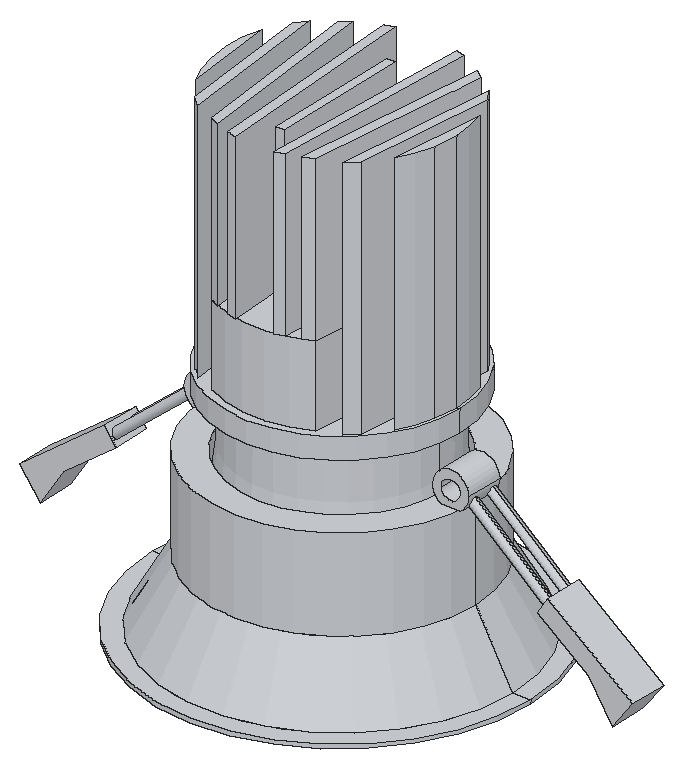
Revit family "Alcon-14119-R-DIR-Revit-Family", category Lighting Fixtures, host Ceiling, Revit 2021
Family settings
  Host = Ceiling
  Round Connector Dimension = Use Diameter
  Part Type = Normal
  OmniClass Number = 23.80.70.11
  OmniClass Title = Luminaries for Internal Lighting
  Always vertical = Yes
  Cut with Voids When Loaded = No
  Light Source = Yes
  Shared = No
  Room Calculation Point = No
Parameters (values of type "Type 1")
  Wattage = 9.2903 W
  built-in parameter 1150110 = 1 (stored number, unit not read)
  built-in parameter 1114217 = 1 (stored number, unit not read)
  Tilt Angle = 60.00°
  built-in parameter 1150109 = 1 (stored number, unit not read)
  built-in parameter 1150134 = (empty or 0)
  built-in parameter 1150113 = 1 (stored number, unit not read)
  built-in parameter 1010507 = 1.5708 (stored number, unit not read)
  built-in parameter 1010506 = 0.5236 (stored number, unit not read)
  Product Identity = "Alcon Lighting 14119-R-DIR"
  Metal = none
  Manufacturer = "Alcon Light"
  Lumens = 1380 lm
  built-in parameter 1150115 = 1 (stored number, unit not read)
  built-in parameter 1150105 = 4614.1 (stored number, unit not read)
  Link To Product Page = "https://www.alconlighting.com/14119-r-dir.html"
  LightSource = none
  Light Source Symbol Length = 10' - 0"
  built-in parameter 1150137 = (empty or 0)
  built-in parameter 1150139 = (empty or 0)
  Lens = none
  built-in parameter 1150112 = 1 (stored number, unit not read)
  built-in parameter 1150114 = 1 (stored number, unit not read)
  built-in parameter 1150132 = 2
  built-in parameter 1150102 = (empty or 0)
  built-in parameter 1150138 = (empty or 0)
  built-in parameter 1150107 = 3000 (stored number, unit not read)
  built-in parameter 1150106 = 46.141 (stored number, unit not read)
  Housing = none
  built-in parameter 1150104 = 13.8 (stored number, unit not read)
  Dimming Lamp Color Temperature Shift = <None>
  Default Elevation = 0' - 0"
  Color Filter = 16777215
  built-in parameter 1114218 = 1 (stored number, unit not read)
  built-in parameter 1150133 = 10 (stored number, unit not read)
Reference planes (in)
  plane 1 "Light Source Axis (F/B)": y = 0
  plane 2: z = 0
  plane 3 "Light Source Axis (L/R)": x = 0
  plane 4 "Ceiling": z = 157.73031
  plane 5 "Light Source Elevation": z = 157.10531
Forms (in)
  Extrusion 1, void
    sketch origin (0, 0, 157.73031) x (0, 1, 0) y (-1, 0, 0)
      loop
        circle (0, 0) r 1.675
    from -0.44379 to 0.09897
  Revolve 2, solid, material <- "LightSource"
    sketch origin (0, 0, -5.47367) x (1, 0, 0) y (0, 0, 1)
      loop
        line (0, 165.09791) -> (0, 165.21021) -> (-0.29753, 165.21021) -> (-0.29753, 165.09791) -> (0, 165.09791)
      axis (0, 165.09791) -> (0, 165.21021)
    angle from 0 to 360
  Revolve 3, solid, material <- "Housing"
    sketch origin (-40.7589, 0, 309.32064) x (0.965926, 0, 0.258819) y (-0.258819, 0, 0.965926)
      loop
        line (-1.49166, -156.57557) -> (-1.3115, -156.62384) -> (-0.8178, -156.13014) -> (-0.72484, -155.78324) -> (-0.51592, -155.83922) -> (-0.39494, -155.38772) -> (-0.6457, -155.32052) -> (-0.85749, -156.11092) -> (-1.32846, -156.5819) -> (-1.48231, -156.54067) -> (-1.49166, -156.57557)
      axis (0.49669, -155.62663) -> (0.12627, -157.00909)
    angle from 0 to 360
  Revolve 4, solid, material <- "Lens"
    sketch origin (0, 0, -3.84264) x (1, 0, 0) y (0, 0, 1)
      loop
        line (0, 162.9184) -> (-0.8419, 162.9184) -> (-0.8419, 162.50063)
        arc (-0.8419, 162.50063) -> (-0.57892, 162.73286) -> (-0.25, 162.85494) r 0.95881
        line (-0.25, 162.85494) -> (0, 162.85494) -> (0, 162.9184)
      axis (0, 162.50063) -> (0, 162.9184)
    angle from 0 to 360
  Revolve 5, solid, material <- "Housing"
    sketch origin (-40.7589, 0, 7.06766) x (0.965926, 0, -0.258819) y (0.258819, 0, 0.965926)
      loop
        line (-0.75602, 156.73528) -> (-0.6776, 156.75629) -> (-0.78573, 157.15983) -> (-0.5692, 157.21785) -> (-0.58761, 157.28656) -> (-0.45472, 157.32217) -> (-0.41988, 157.19216) -> (-0.31979, 157.21898) -> (-0.37558, 157.42718) -> (-0.60856, 157.36475) -> (-0.71116, 157.74764) -> (-0.95236, 157.68301)
        arc (-0.95236, 157.68301) -> (-0.84213, 157.26193) -> (-0.78163, 156.83089) r 3.73506
        line (-0.78163, 156.83089) -> (-0.75602, 156.73528)
      axis (0.13561, 156.97419) -> (-0.11447, 157.90752)
    angle from 0 to 360
  Extrusion 6, solid, material <- "Housing"
    sketch origin (0, 0, 163.82862) x (0, 1, 0) y (1, 0, 0)
      loop
        line (0.54725, -0.04227) -> (0.54725, 0.04227) -> (-0.6794, 0.04227) -> (-0.6794, -0.04227) -> (0.54725, -0.04227)
      loop
        arc (0.90894, -0.35207) -> (0.92388, -0.31078) -> (0.93694, -0.26885) r 0.97475
        line (0.93694, -0.26885) -> (-0.95991, -0.16944)
        arc (-0.95991, -0.16944) -> (-0.9513, -0.2125) -> (-0.94076, -0.25513) r 0.97475
        line (-0.94076, -0.25513) -> (0.90894, -0.35207)
      loop
        arc (0.74434, -0.62938) -> (0.77537, -0.59072) -> (0.80448, -0.5506) r 1.0159
        line (0.80448, -0.5506) -> (-0.90125, -0.37132)
        arc (-0.90125, -0.37132) -> (-0.88122, -0.41663) -> (-0.85891, -0.46087) r 0.97475
        line (-0.85891, -0.46087) -> (0.74434, -0.62938)
      loop
        line (0.90894, 0.35207) -> (-0.94076, 0.25513)
        arc (-0.94076, 0.25513) -> (-0.9513, 0.2125) -> (-0.95991, 0.16944) r 0.97475
        line (-0.95991, 0.16944) -> (0.93694, 0.26885)
        arc (0.93694, 0.26885) -> (0.92388, 0.31078) -> (0.90894, 0.35207) r 0.97475
      loop
        line (0.74432, 0.62938) -> (-0.85891, 0.46087)
        arc (-0.85891, 0.46087) -> (-0.88122, 0.41663) -> (-0.90125, 0.37132) r 0.97475
        line (-0.90125, 0.37132) -> (0.80435, 0.55059)
        arc (0.80435, 0.55059) -> (0.77534, 0.59075) -> (0.74432, 0.62938) r 0.97475
    from 1.86382 to 3.3047
  Revolve 7, solid, material <- "Housing"
    sketch origin (-40.7589, 0, 7.06766) x (0.965926, 0, -0.258819) y (0.258819, 0, 0.965926)
      loop
        line (-0.40186, 157.83052) -> (-0.45086, 158.0134) -> (-1.17531, 157.81928) -> (-1.12631, 157.6364) -> (-0.40186, 157.83052)
      axis (-0.11447, 157.90752) -> (-0.16347, 158.0904)
    angle from 0 to 360
  Extrusion 8, solid, material <- "Housing"
    sketch origin (0, 0, 163.82862) x (0, 1, 0) y (1, 0, 0)
      loop
        arc (0.53357, -0.86451) -> (0.58706, -0.82911) -> (0.63822, -0.79041) r 1.0159
        line (0.63822, -0.79041) -> (-0.78861, -0.64044)
        arc (-0.78861, -0.64044) -> (-0.74661, -0.68893) -> (-0.70165, -0.73468) r 1.0159
        line (-0.70165, -0.73468) -> (0.53357, -0.86451)
      loop
        arc (0, -1.0159) -> (0.16178, -1.00294) -> (0.31943, -0.96438) r 1.0159
        line (0.31943, -0.96438) -> (-0.51295, -0.87689)
        arc (-0.51295, -0.87689) -> (-0.36677, -0.94739) -> (-0.21122, -0.9937) r 1.0159
        line (-0.21122, -0.9937) -> (0, -1.0159)
      loop
        line (0.53357, 0.86451) -> (-0.70165, 0.73468)
        arc (-0.70165, 0.73468) -> (-0.74661, 0.68893) -> (-0.78861, 0.64044) r 1.0159
        line (-0.78861, 0.64044) -> (0.63822, 0.79041)
        arc (0.63822, 0.79041) -> (0.58706, 0.82911) -> (0.53357, 0.86451) r 1.0159
      loop
        line (0, 1.0159) -> (-0.21122, 0.9937)
        arc (-0.21122, 0.9937) -> (-0.36677, 0.94739) -> (-0.51295, 0.87689) r 1.0159
        line (-0.51295, 0.87689) -> (0.31943, 0.96438)
        arc (0.31943, 0.96438) -> (0.16178, 1.00294) -> (0, 1.0159) r 1.0159
    from 1.86382 to 4.01505
  Extrusion 9, solid, material <- "Housing"
    sketch origin (0, 0, 158.65799) x (0, 1, 0) y (-1, 0, 0)
      loop
        arc (0.74432, -0.62938) -> (0.97475, 0) -> (0.74432, 0.62938) r 0.97475
        line (0.74432, 0.62938) -> (-0.85891, 0.46087)
        arc (-0.85891, 0.46087) -> (-0.97475, 0) -> (-0.85891, -0.46087) r 0.97475
        line (-0.85891, -0.46087) -> (0.74432, -0.62938)
    from 1.15558 to 1.86593
  Extrusion 10, solid, material <- "Metal"
    sketch origin (0, 0, 0) x (1, 0, 0) y (0, 0, 1)
      loop
        circle (-1.10049, 159.26129) r 0.16048
      loop
        circle (-1.10049, 159.26129) r 0.08524
    from -0.16797 to 0.16797
  Extrusion 11, solid, material <- "Metal"
    sketch origin (-86.51115, 0, 24.82453) x (0.840273, 0, -0.542164) y (0.542164, 0, 0.840273)
      loop
        line (-1.38024, 158.26216) -> (-1.5356, 158.3346) -> (-1.85823, 157.44818) -> (-1.57381, 157.34466) -> (-1.57381, 157.73031) -> (-1.38024, 158.26216)
    from -0.16797 to 0.16797
  Extrusion 12, solid, material <- "Metal"
    sketch origin (-1.87937, 0, 158.58348) x (-0.645051, 0, 0.76414) y (0, -1, 0)
      loop
        circle (0.05869, -0.09783) r 0.04098
      loop
        circle (0.05869, 0.10564) r 0.04098
    from -0.03586 to 0.91861
  Extrusion 13, solid, material <- "Metal"
    sketch origin (0, 0, 0) x (-1, 0, 0) y (0, 0, -1)
      loop
        circle (-1.10049, -159.26129) r 0.16048
      loop
        circle (-1.10049, -159.26129) r 0.08524
    from -0.16797 to 0.16797
  Extrusion 14, solid, material <- "Metal"
    sketch origin (86.51115, 0, 24.82453) x (-0.840273, 0, -0.542164) y (0.542164, 0, -0.840273)
      loop
        line (-1.38024, -158.26216) -> (-1.57381, -157.73031) -> (-1.57381, -157.34466) -> (-1.85823, -157.44818) -> (-1.5356, -158.3346) -> (-1.38024, -158.26216)
    from -0.16797 to 0.16797
  Extrusion 15, solid, material <- "Metal"
    sketch origin (1.87937, 0, 158.58348) x (0.645051, 0, 0.76414) y (0, 1, 0)
      loop
        circle (0.05869, 0.09783) r 0.04098
      loop
        circle (0.05869, -0.10564) r 0.04098
    from -0.03586 to 0.91861
Dimensions and locks (in)
  equal spacing: host sketch curve, plane 3 "Light Source Axis (L/R)", host sketch curve
  equal spacing: host sketch curve, plane 1 "Light Source Axis (F/B)", host sketch curve
  host sketch curve to host sketch curve = 13' - 1.48031"  (x2)
  host ceiling to plane 4 "Ceiling" = 0' - 0"
  aligned and locked: plane 1 "Light Source Axis (F/B)" to imposter light
